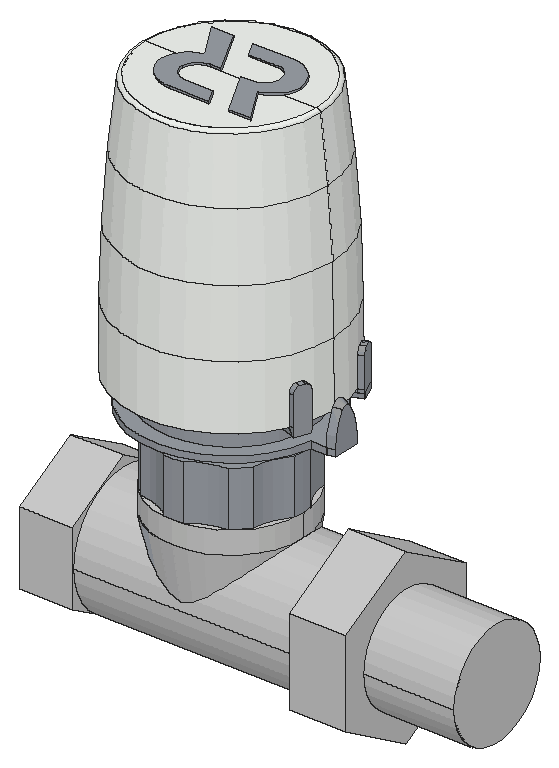
Revit family "РИДАН_Клапан термостатический TR_G New", category Арматура трубопроводов, Revit 2019
Family settings
  Размер круглого соединителя = Использовать диаметр
  Тип детали = Вставляется
  На основе рабочей плоскости = Нет
  Всегда вертикально = Да
  При загрузке вырезать с полостями = Нет
  Общий = Нет
Parameters (values of type "Ду20+TR9005 Ultra")
  Термоголовка = Влж_РИДАН_Термостатические элементы серии TR 9000 Ultra : TR 9005 Ultra
  Контакты_Производитель = "info@ridan.ru"  # constant formula
  n = size_lookup(LT, "n", 20 mm, ADSK_Диаметр условный)  # 80.8 mm
  m = size_lookup(LT, "m", 20 mm, ADSK_Диаметр условный)  # 26.4 mm
  l = size_lookup(LT, "l", 20 mm, ADSK_Диаметр условный)  # 15.42 mm
  k = size_lookup(LT, "k", 20 mm, ADSK_Диаметр условный)  # 36.8 mm
  j = size_lookup(LT, "j", 20 mm, ADSK_Диаметр условный)  # 31.44 mm
  i = size_lookup(LT, "i", 20 mm, ADSK_Диаметр условный)  # 36 mm
  h = size_lookup(LT, "h", 20 mm, ADSK_Диаметр условный)  # 26.3 mm
  g1 = g - 1 mm  # 30.5 mm
  g = size_lookup(LT, "g", 20 mm, ADSK_Диаметр условный)  # 31.5 mm
  f = size_lookup(LT, "f", 20 mm, ADSK_Диаметр условный)  # 21 mm
  e = size_lookup(LT, "e", 20 mm, ADSK_Диаметр условный)  # 26.43 mm
  d1 = d / 2  # 11.25 mm
  d = size_lookup(LT, "d", 20 mm, ADSK_Диаметр условный)  # 22.5 mm
  c = size_lookup(LT, "c", 20 mm, ADSK_Диаметр условный)  # 14 mm
  b = size_lookup(LT, "b", 20 mm, ADSK_Диаметр условный)  # 55.53 mm
  a = size_lookup(LT, "a", 20 mm, ADSK_Диаметр условный)  # 13.07 mm
  LT = "TR-G"  # constant formula
  ADSK_Расход жидкости = 0.0 L/s
  ADSK_Пропускная способность = size_lookup(LT, "Kv", 0.0 L/s, ADSK_Диаметр условный)  # 0.4 L/s
  ADSK_Потеря давления жидкости = 100000.0 Pa * (ADSK_Расход жидкости / ADSK_Пропускная способность) ^ 2  # 0.0 Pa
  ADSK_Наименование = size_lookup(LT, "Name", "", ADSK_Диаметр условный)  # "Клапан терморегулятора с повышенной пропускной способностью TR-G PN16, Tmax=120C, DN20"
  ADSK_Масса_Текст = ""
  ADSK_Масса = size_lookup(LT, "M", 0, ADSK_Диаметр условный)  # 0
  ADSK_Марка = size_lookup(LT, "Mark", "", ADSK_Диаметр условный)  # "TR-G DN20"
  ADSK_Количество = 1  # constant formula
  ADSK_Код изделия = size_lookup(LT, "", "", ADSK_Диаметр условный)  # "013G9026R"
  ADSK_Завод-изготовитель = "ООО «Ридан-Трейд»"  # constant formula
  ADSK_Единица измерения = "шт."
  ADSK_Диаметр условный = 20 mm
  ADSK_Версия семейства = "1.0"  # constant formula
  ADSK_Версия Revit = "2019"  # constant formula
Types (9, lengths in mm): name | Термоголовка | n | m | l | k | j | h | g1 | g | e | d1 | d | c | b | a | ADSK_Пропускная способность | ADSK_Наименование | ADSK_Марка | ADSK_Код изделия | ADSK_Диаметр условный
  (no name) | Влж_РИДАН_Термостатические элементы серии TR 9000 Ultra : TR 9005 Ultra | 80.8 | 26.4 | 15.42 | 36.8 | 31.44 | 26.3 | 30.5 | 31.5 | 26.43 | 11.25 | 22.5 | 14 | 55.53 | 13.07 | 0.4 L/s | "Клапан терморегулятора с повышенной пропускной способностью TR-G PN16, Tmax=120C, DN20" | "TR-G DN20" | "013G9026R" | 20
  Ду15+TR70 | Влж_РИДАН_TR70_Термостатический элемент : TR 70 | 74.5 | 21.3 | 12.85 | 30 | 26.8 | 21 | 24.2 | 25.2 | 25.51 | 10.4 | 20.8 | 10 | 54.11 | 9.99 | 0.341667 L/s | "Клапан терморегулятора с повышенной пропускной способностью TR-G PN16, Tmax=120C, DN15" | "TR-G DN15" | "013G9024R" | 15
  Ду20+TR70 | Влж_РИДАН_TR70_Термостатический элемент : TR 70 | 80.8 | 26.4 | 15.42 | 36.8 | 31.44 | 26.3 | 30.5 | 31.5 | 26.43 | 11.25 | 22.5 | 14 | 55.53 | 13.07 | 0.4 L/s | "Клапан терморегулятора с повышенной пропускной способностью TR-G PN16, Tmax=120C, DN20" | "TR-G DN20" | "013G9026R" | 20
  Ду15+TR8000 | Влж_РИДАН_Термостатические элементы серии TR 8000 : TR 8000 | 74.5 | 21.3 | 12.85 | 30 | 26.8 | 21 | 24.2 | 25.2 | 25.51 | 10.4 | 20.8 | 10 | 54.11 | 9.99 | 0.341667 L/s | "Клапан терморегулятора с повышенной пропускной способностью TR-G PN16, Tmax=120C, DN15" | "TR-G DN15" | "013G9024R" | 15
  Ду20+TR8000 | Влж_РИДАН_Термостатические элементы серии TR 8000 : TR 8000 | 80.8 | 26.4 | 15.42 | 36.8 | 31.44 | 26.3 | 30.5 | 31.5 | 26.43 | 11.25 | 22.5 | 14 | 55.53 | 13.07 | 0.4 L/s | "Клапан терморегулятора с повышенной пропускной способностью TR-G PN16, Tmax=120C, DN20" | "TR-G DN20" | "013G9026R" | 20
  Ду15+TR9000 Ultra | Влж_РИДАН_Термостатические элементы серии TR 9000 Ultra : TR 9000 Ultra | 74.5 | 21.3 | 12.85 | 30 | 26.8 | 21 | 24.2 | 25.2 | 25.51 | 10.4 | 20.8 | 10 | 54.11 | 9.99 | 0.341667 L/s | "Клапан терморегулятора с повышенной пропускной способностью TR-G PN16, Tmax=120C, DN15" | "TR-G DN15" | "013G9024R" | 15
  Ду20+TR9000 Ultra | Влж_РИДАН_Термостатические элементы серии TR 9000 Ultra : TR 9000 Ultra | 80.8 | 26.4 | 15.42 | 36.8 | 31.44 | 26.3 | 30.5 | 31.5 | 26.43 | 11.25 | 22.5 | 14 | 55.53 | 13.07 | 0.4 L/s | "Клапан терморегулятора с повышенной пропускной способностью TR-G PN16, Tmax=120C, DN20" | "TR-G DN20" | "013G9026R" | 20
  Ду15+TR9005 Ultra | Влж_РИДАН_Термостатические элементы серии TR 9000 Ultra : TR 9005 Ultra | 74.5 | 21.3 | 12.85 | 30 | 26.8 | 21 | 24.2 | 25.2 | 25.51 | 10.4 | 20.8 | 10 | 54.11 | 9.99 | 0.341667 L/s | "Клапан терморегулятора с повышенной пропускной способностью TR-G PN16, Tmax=120C, DN15" | "TR-G DN15" | "013G9024R" | 15
  Ду20+TR9005 Ultra | Влж_РИДАН_Термостатические элементы серии TR 9000 Ultra : TR 9005 Ultra | 80.8 | 26.4 | 15.42 | 36.8 | 31.44 | 26.3 | 30.5 | 31.5 | 26.43 | 11.25 | 22.5 | 14 | 55.53 | 13.07 | 0.4 L/s | "Клапан терморегулятора с повышенной пропускной способностью TR-G PN16, Tmax=120C, DN20" | "TR-G DN20" | "013G9026R" | 20
Reference planes
  plane 1 "По центру (Вперед/Назад)": y = 0
  plane 2: z = 0
  plane 3 "По центру (Влево/Вправо)": x = 0
  plane 4: x = -39.5
  plane 5: x = -26.43
  plane 6: x = 29.1
  plane 7: x = 43.1
  plane 8: x = 65.6
  plane 9: z = 21
  plane 10: z = 15.42
  plane 11: x = 54.35
Forms (mm)
  Extrusion 1, solid, material "Латунь никелированная", detail levels fine
    sketch origin (0, 0, 0) x (0, 1, 0) y (0, 0, 1)
      loop
        circle (0, 0) r 15.75
    from -26.43 to 29.1
  Extrusion 2, solid, material "Латунь никелированная", detail levels fine
    sketch origin (0, 0, 0) x (0, 1, 0) y (0, 0, 1)
      loop
        line (0, 18.152) -> (-15.72, 9.076) -> (-15.72, -9.076) -> (0, -18.152) -> (15.72, -9.076) -> (15.72, 9.076) -> (0, 18.152)
    from -39.5 to -26.43
  Extrusion 3, solid, material "Латунь никелированная", detail levels fine
    sketch origin (0, 0, 0) x (0, 1, 0) y (0, 0, 1)
      loop
        line (0, 21.246) -> (-18.4, 10.623) -> (-18.4, -10.623) -> (0, -21.246) -> (18.4, -10.623) -> (18.4, 10.623) -> (0, 21.246)
    from 29.1 to 43.1
  Extrusion 4, solid, material "Латунь никелированная", detail levels fine
    sketch origin (0, 0, 0) x (0, 1, 0) y (0, 0, 1)
      loop
        circle (0, 0) r 13.15
    from 43.1 to 65.6
  Extrusion 5, solid, material "Латунь никелированная", detail levels fine
    sketch origin (0, 0, 0) x (1, 0, 0) y (0, 1, 0)
      loop
        circle (0, 0) r 18
    from 15.42 to 21
  Blend 6, solid, material "Латунь никелированная", detail levels fine
    base sketch origin (0, 0, 0) x (1, 0, 0) y (0, 1, 0)
      loop
        circle (0, 0) r 18
    top sketch origin (0, 0, 0) x (1, 0, 0) y (0, 1, 0)
      loop
        circle (0, 0) r 15.25
    from 15.42 to 0
  Extrusion 7, void
    sketch origin (0, 0, 0) x (0, 1, 0) y (0, 0, 1)
      loop
        circle (0, 0) r 13.2
    from -39.5 to -26.43
Cuts and joins
  Extrusion 7 cuts Extrusion 1
  Extrusion 7 cuts Extrusion 5
  joined: Extrusion 1, Extrusion 5
  Extrusion 7 cuts Extrusion 3
  Extrusion 7 cuts Blend 6
  Extrusion 7 cuts Extrusion 2
Dimensions and locks
  "a": plane 4 to plane 5
  "e": plane 5 to plane 3 "По центру (Влево/Вправо)"
  "b": plane 5 to plane 6
  "c": plane 6 to plane 7
  "d": plane 7 to plane 8
  "f": plane 9 to plane 2
  equal spacing: Extrusion 2 sketch curve, plane 2, Extrusion 2 sketch curve  (x2)
  "j": Extrusion 2 sketch curve to Extrusion 2 sketch curve  (x3)
  equal spacing: Extrusion 2 sketch curve, plane 1 "По центру (Вперед/Назад)", Extrusion 2 sketch curve
  equal spacing: Extrusion 3 sketch curve, plane 2, Extrusion 3 sketch curve  (x2)
  "k": Extrusion 3 sketch curve to Extrusion 3 sketch curve  (x3)
  equal spacing: Extrusion 3 sketch curve, plane 1 "По центру (Вперед/Назад)", Extrusion 3 sketch curve
  "l": plane 10 to plane 2
  "d1": plane 11 to plane 8
  "g": diameter of Extrusion 1 sketch curve
  "h": diameter of Extrusion 4 sketch curve
  "i": diameter of Extrusion 5 sketch curve
  "i": diameter of Blend 6 sketch curve
  "g1": diameter of Blend 6 sketch curve
  "m": diameter of Extrusion 7 sketch curve
  angle Extrusion 2 sketch curve to Extrusion 2 sketch curve = 120.00°  (x6)
  angle Extrusion 3 sketch curve to Extrusion 3 sketch curve = 120.00°  (x6)
  aligned and locked: level to plane 2
  aligned and locked: plane 5 to Extrusion 1
  aligned and locked: Extrusion 1 to plane 6
  aligned and locked: plane 4 to Extrusion 2
  aligned and locked: Extrusion 2 to plane 5
  aligned and locked: plane 6 to Extrusion 3
  aligned and locked: Extrusion 3 to plane 7
  aligned and locked: plane 7 to Extrusion 4
  aligned and locked: Extrusion 4 to plane 8
  aligned and locked: Extrusion 5 to plane 10
  aligned and locked: plane 9 to Extrusion 5
  aligned and locked: Blend 6 to plane 2
  aligned and locked: plane 10 to Blend 6
  aligned and locked: plane 4 to Extrusion 7
  aligned and locked: Extrusion 7 to plane 5
  aligned and locked: plane 5 to nested 1
  aligned and locked: nested 2 to plane 5
Automatic sketch dimensions
  Extrusion 1 sketch curve to level = 0 mm
  Extrusion 1 sketch curve to plane 1 "По центру (Вперед/Назад)" = 0 mm
  Extrusion 4 sketch curve to level = 0 mm
  Extrusion 4 sketch curve to plane 1 "По центру (Вперед/Назад)" = 0 mm
  plane 1 "По центру (Вперед/Назад)" to Extrusion 5 sketch curve = 0 mm
  Extrusion 5 sketch curve to plane 3 "По центру (Влево/Вправо)" = 0 mm
  plane 1 "По центру (Вперед/Назад)" to Blend 6 sketch curve = 0 mm  (x2)
  Blend 6 sketch curve to plane 3 "По центру (Влево/Вправо)" = 0 mm  (x2)
  Extrusion 7 sketch curve to level = 0 mm
  Extrusion 7 sketch curve to plane 1 "По центру (Вперед/Назад)" = 0 mm
Nested families
  nested 1: "УГО_клапана" at (13.97, 0, 0), УГО_Длина <- "n", type "УГО_клапана", detail levels coarse+medium
    with УГО_Длина 80.8 mm, УГО_Высота 61.657 mm
  nested 2: "УГО_ЭУ_клапана" at (13.97, 0, 0), УГО_Длина <- "n", type "УГО_ЭУ_клапана", detail levels coarse+medium
    with УГО_Длина 80.8 mm, УГО_Высота 61.657 mm
  nested 3: "Влж_РИДАН_Термостатические элементы серии TR 9000 Ultra" at (0, 0, 21), type <- "Термоголовка", type "TR 9005 Ultra", detail levels fine
Connectors
  piping at (54.35, 0, 0), diameter 20, driven by "ADSK_Диаметр условный", driven by "ADSK_Расход жидкости", driven by "ADSK_Потеря давления жидкости"
    settings: on plane 11, index 2, connector inside diameter 609.6 mm, connector length 0 mm, flow factor 0, pipe flow 0.0 L/s, pressure drop 0.0 Pa, fitting loss kfactor 0, connector angle 0.00°, fixture units 0, engagement length 0 mm, angle of deflection 0.00°, flow configuration 0, flow direction 2, fitting loss method 4, system type 29, joint type 0, gender type 0, connector reference index 3, connector utility 0, adjustable connector no, is connector primary yes, connector description ""
  piping at (-26.43, 0, 0), diameter 20, driven by "ADSK_Диаметр условный", driven by "ADSK_Расход жидкости"
    settings: on plane 5, index 3, connector inside diameter 609.6 mm, connector length 0 mm, flow factor 0, pipe flow 0.0 L/s, pressure drop 0.0 Pa, fitting loss kfactor 0, connector angle 0.00°, fixture units 0, engagement length 0 mm, angle of deflection 0.00°, flow configuration 0, flow direction 1, fitting loss method 0, system type 29, joint type 0, gender type 0, connector reference index 2, connector utility 0, adjustable connector no, is connector primary no, connector description ""
Definition of nested family "Влж_РИДАН_Термостатические элементы серии TR 9000 Ultra"
  Parameters (values of type "TR 9005 Ultra")
    Контакты_Производитель = "info@ridan.ru"  # constant formula
    Гайка = not(RA)  # no
    Артикул = "013G9005R"
    RA = yes
    LT = "TR9000"  # constant formula
    ADSK_Наименование = size_lookup(LT, "Name", "не определено", Артикул)  # "Термостатический элемент с выносным  датчиком, присоединение RTR/RA.  Длина капиллярной трубки 2 м"
    ADSK_Материал = none
    ADSK_Масса_Текст = ""
    ADSK_Масса = size_lookup(LT, "M", 0, Артикул)  # 0
    ADSK_Марка = size_lookup(LT, "Mark", "не определено", Артикул)  # "TR 9005 Ultra"
    ADSK_Количество = 1  # constant formula
    ADSK_Код изделия = size_lookup(LT, "", "не определено", Артикул)  # "013G9005R"
    ADSK_Завод-изготовитель = "ООО «Ридан-Трейд»"  # constant formula
    ADSK_Единица измерения = "шт."  # constant formula
    ADSK_Версия семейства = "1.0"  # constant formula
    ADSK_Версия Revit = "2019"  # constant formula
  Types (3, lengths in mm): name | Артикул | ADSK_Наименование | ADSK_Марка | ADSK_Код изделия
    (no name) | "013G9005R" | "Термостатический элемент с выносным  датчиком, присоединение RTR/RA.  Длина капиллярной трубки 2 м" | "TR 9005 Ultra" | "013G9005R"
    TR 9000 Ultra | "013G9000R" | "Термостатический элемент со встроен ным датчиком, присоединение RTR/RA" | "TR 9000 Ultra" | "013G9000R"
    TR 9005 Ultra | "013G9005R" | "Термостатический элемент с выносным  датчиком, присоединение RTR/RA.  Длина капиллярной трубки 2 м" | "TR 9005 Ultra" | "013G9005R"
  Reference planes
    plane 1 "По центру (Вперед/Назад)": y = 0
    plane 2: z = 0
    plane 3 "По центру (Влево/Вправо)": x = 0
  Forms (mm)
    Revolve 1, solid
      sketch origin (0, 0, 0) x (1, 0, 0) y (0, 0, 1)
        loop
          arc (-22.03, 89.763) -> (-23.033, 82.056) -> (-23.844, 74.327) r 312.955
          arc (-23.844, 74.327) -> (-24.506, 66.139) -> (-24.981, 57.938) r 359.213
          arc (-24.981, 57.938) -> (-25.294, 49.675) -> (-25.466, 41.408) r 484.116
          arc (-25.466, 41.408) -> (-25.537, 33.455) -> (-25.554, 25.502) r 1176.392
          line (-25.554, 25.502) -> (0, 25.502) -> (0, 90.602) -> (-21.063, 90.602)
          arc (-21.063, 90.602) -> (-21.703, 90.363) -> (-22.03, 89.763) r 0.977
        axis (0, 90.602) -> (0, 25.502)
      angle from 0 to 360
    Revolve 2, solid
      sketch origin (0, 0, 0) x (1, 0, 0) y (0, 0, 1)
        loop
          line (0, 25.502) -> (-19.326, 25.502) -> (-19.326, 19.162) -> (-23.019, 19.162) -> (-23.019, 17.562) -> (-19.447, 16.262) -> (-13.044, 16.262) -> (-13.044, 13.5) -> (0, 13.5) -> (0, 25.502)
        axis (0, 25.502) -> (0, 13.5)
      angle from 0 to 360
    Extrusion 3, solid, visible <- "RA"
      sketch origin (0, 0, 0) x (1, 0, 0) y (0, 1, 0)
        loop
          arc (-10.836, 14.185) -> (-12.632, 12.611) -> (-14.203, 10.812) r 17.85
          arc (-14.203, 10.812) -> (-15.239, 6.298) -> (-17.692, 2.368) r 14
          arc (-17.692, 2.368) -> (-17.85, -0.015) -> (-17.688, -2.398) r 17.85
          arc (-17.688, -2.398) -> (-15.229, -6.323) -> (-14.185, -10.836) r 14
          arc (-14.185, -10.836) -> (-12.611, -12.632) -> (-10.812, -14.203) r 17.85
          arc (-10.812, -14.203) -> (-6.298, -15.239) -> (-2.368, -17.692) r 14
          arc (-2.368, -17.692) -> (0.015, -17.85) -> (2.398, -17.688) r 17.85
          arc (2.398, -17.688) -> (6.323, -15.229) -> (10.836, -14.185) r 14
          arc (10.836, -14.185) -> (12.632, -12.611) -> (14.203, -10.812) r 17.85
          arc (14.203, -10.812) -> (15.239, -6.298) -> (17.692, -2.368) r 14
          arc (17.692, -2.368) -> (17.85, 0.015) -> (17.688, 2.398) r 17.85
          arc (17.688, 2.398) -> (15.229, 6.323) -> (14.185, 10.836) r 14
          arc (14.185, 10.836) -> (12.611, 12.632) -> (10.812, 14.203) r 17.85
          arc (10.812, 14.203) -> (6.298, 15.239) -> (2.368, 17.692) r 14
          arc (2.368, 17.692) -> (-0.015, 17.85) -> (-2.398, 17.688) r 17.85
          arc (-2.398, 17.688) -> (-6.322, 15.228) -> (-10.836, 14.185) r 13.984
      from 0 to 13.5
    Blend 4, solid
      base sketch origin (0, 0, 0) x (0, 1, 0) y (0, 0, 1)
        loop
          arc (-1.788, 27.262) -> (-3.303, 23.324) -> (-3.85, 19.14) r 17.835
          line (-3.85, 19.14) -> (-3.85, 17.589) -> (3.808, 17.589) -> (3.808, 19.162)
          arc (3.808, 19.162) -> (3.289, 23.335) -> (1.788, 27.262) r 17.46
          arc (1.788, 27.262) -> (0, 28.34) -> (-1.788, 27.262) r 2.022
      top sketch origin (0, 0, 0) x (0, 1, 0) y (0, 0, 1)
        loop
          line (-3.255, 19.133) -> (-3.255, 17.589) -> (3.258, 17.589) -> (3.258, 19.162)
          arc (3.258, 19.162) -> (2.665, 23.162) -> (1.004, 26.848) r 14.695
          arc (1.004, 26.848) -> (0, 27.403) -> (-1.004, 26.848) r 1.186
          arc (-1.004, 26.848) -> (-2.668, 23.148) -> (-3.255, 19.133) r 14.675
      from 26.614 to 28.481
    Extrusion 5, solid
      sketch origin (0, 0, 0) x (0, 1, 0) y (0, 0, 1)
        loop
          line (-3.85, 17.562) -> (3.85, 17.562) -> (3.85, 19.162) -> (-3.85, 19.162) -> (-3.85, 17.562)
      from 21.343 to 26.614
    Extrusion 6, solid
      sketch origin (0, 0, 0) x (0.358368, 0.93358, 0) y (0, 0, 1)
        loop
          spline (-0.882, 35.244) -> (-1.064, 35.19) -> (-1.239, 35.116) -> (-1.405, 35.023) -> (-1.559, 34.913) -> (-1.7, 34.786) -> (-1.826, 34.645) -> (-1.936, 34.49) -> (-2.027, 34.324) -> (-2.1, 34.15) -> (-2.153, 33.968) -> (-2.185, 33.782) -> (-2.196, 33.594)
          line (-2.196, 33.594) -> (-2.196, 26.154)
          arc (-2.196, 26.154) -> (-2.152, 25.15) -> (-2.021, 24.154) r 11.516
          line (-2.021, 24.154) -> (1.78, 24.154)
          arc (1.78, 24.154) -> (1.911, 25.15) -> (1.955, 26.154) r 11.516
          line (1.955, 26.154) -> (1.955, 33.594)
          spline (1.955, 33.594) -> (1.943, 33.792) -> (1.907, 33.988) -> (1.849, 34.178) -> (1.769, 34.36) -> (1.668, 34.532) -> (1.548, 34.69) -> (1.409, 34.834) -> (1.255, 34.961) -> (1.088, 35.069) -> (0.908, 35.157) -> (0.72, 35.224) -> (0.525, 35.268)
          arc (0.525, 35.268) -> (-0.18, 35.326) -> (-0.882, 35.244) r 3.553
      from 26.094 to 27.488
    Extrusion 7, solid
      sketch origin (0, 0, 0) x (0.358368, 0.93358, 0) y (0, 0, 1)
        loop
          arc (-2.168, 25.353) -> (-2.11, 24.752) -> (-2.021, 24.154) r 11.516
          line (-2.021, 24.154) -> (1.78, 24.154)
          arc (1.78, 24.154) -> (1.87, 24.752) -> (1.927, 25.353) r 11.516
          line (1.927, 25.353) -> (-2.168, 25.353)
      from 23.366 to 27.492
    Extrusion 8, solid
      sketch origin (0, 0, 0) x (0.93358, -0.358368, 0) y (0.358368, 0.93358, 0)
        loop
          line (23.366, 1.927) -> (23.366, -2.168) -> (24.73, -2.168) -> (24.73, 1.927) -> (23.366, 1.927)
      from 25.353 to 26.156
    Extrusion 9, solid
      sketch origin (-0.158, 0.064, 0) x (-0.390731, 0.920505, 0) y (0, 0, 1)
        loop
          spline (-0.882, 35.244) -> (-1.064, 35.19) -> (-1.239, 35.116) -> (-1.405, 35.023) -> (-1.559, 34.913) -> (-1.7, 34.786) -> (-1.826, 34.645) -> (-1.936, 34.49) -> (-2.027, 34.324) -> (-2.1, 34.15) -> (-2.153, 33.968) -> (-2.185, 33.782) -> (-2.196, 33.594)
          line (-2.196, 33.594) -> (-2.196, 26.154)
          arc (-2.196, 26.154) -> (-2.152, 25.15) -> (-2.021, 24.154) r 11.516
          line (-2.021, 24.154) -> (1.78, 24.154)
          arc (1.78, 24.154) -> (1.911, 25.15) -> (1.955, 26.154) r 11.516
          line (1.955, 26.154) -> (1.955, 33.594)
          spline (1.955, 33.594) -> (1.943, 33.792) -> (1.907, 33.988) -> (1.849, 34.178) -> (1.769, 34.36) -> (1.668, 34.532) -> (1.548, 34.69) -> (1.409, 34.834) -> (1.255, 34.961) -> (1.088, 35.069) -> (0.908, 35.157) -> (0.72, 35.224) -> (0.525, 35.268)
          arc (0.525, 35.268) -> (-0.18, 35.326) -> (-0.882, 35.244) r 3.553
      from 26.094 to 27.488
    Extrusion 10, solid
      sketch origin (-0.158, 0.064, 0) x (-0.390731, 0.920505, 0) y (0, 0, 1)
        loop
          arc (-2.168, 25.353) -> (-2.11, 24.752) -> (-2.021, 24.154) r 11.516
          line (-2.021, 24.154) -> (1.78, 24.154)
          arc (1.78, 24.154) -> (1.87, 24.752) -> (1.927, 25.353) r 11.516
          line (1.927, 25.353) -> (-2.168, 25.353)
      from 23.366 to 27.492
    Extrusion 11, solid
      sketch origin (-0.158, 0.064, 0) x (0.920505, 0.390731, 0) y (-0.390731, 0.920505, 0)
        loop
          line (23.366, 1.927) -> (23.366, -2.168) -> (24.73, -2.168) -> (24.73, 1.927) -> (23.366, 1.927)
      from 25.353 to 26.156
    Extrusion 12, solid
      sketch origin (0, 0, 0) x (1, 0, 0) y (0, 1, 0)
        loop
          line (-8.721, 11.594) -> (-14.142, 11.594) -> (-8.634, 2.621)
          arc (-8.634, 2.621) -> (-12.435, 0.326) -> (-14.065, -3.804) r 6.935
          arc (-14.065, -3.804) -> (-11.543, -9.301) -> (-5.946, -11.594) r 8.238
          line (-5.946, -11.594) -> (3.837, -11.594) -> (1.768, -7.774) -> (-5.278, -7.774)
          arc (-5.278, -7.774) -> (-7.967, -6.515) -> (-9.073, -3.759) r 4.044
          arc (-9.073, -3.759) -> (-7.881, -1.147) -> (-5.246, -0.005) r 4.003
          line (-5.246, -0.005) -> (-2.442, -0.005) -> (-8.721, 11.594)
        loop
          line (-3.866, 11.594) -> (-1.778, 7.775) -> (5.279, 7.775)
          arc (5.279, 7.775) -> (7.969, 6.516) -> (9.074, 3.759) r 4.043
          arc (9.074, 3.759) -> (7.881, 1.148) -> (5.246, 0.008) r 4.001
          line (5.246, 0.008) -> (2.468, 0.008) -> (8.81, -11.594) -> (14.142, -11.594) -> (8.633, -2.62)
          arc (8.633, -2.62) -> (12.434, -0.325) -> (14.065, 3.805) r 6.938
          arc (14.065, 3.805) -> (11.543, 9.302) -> (5.946, 11.594) r 8.238
          line (5.946, 11.594) -> (-3.866, 11.594)
      from 90 to 91
    Extrusion 13, solid, visible <- "Гайка"
      sketch origin (0, 0, 0) x (1, 0, 0) y (0, 1, 0)
        loop
          line (17.34, 0) -> (12.261, 12.261) -> (0, 17.34) -> (-12.261, 12.261) -> (-17.34, 0) -> (-12.261, -12.261) -> (0, -17.34) -> (12.261, -12.261) -> (17.34, 0)
      from 0 to 13.5
  Cuts and joins
    joined: Revolve 2, Extrusion 5
    joined: Extrusion 6, Extrusion 7, Extrusion 8
  Dimensions and locks
    aligned and locked: level to plane 2
    aligned and locked: Extrusion 5 to Blend 4
    aligned and locked: Extrusion 8 to cut or joined group of Extrusion 6, Extrusion 7, Extrusion 8
Definition of nested family "УГО_клапана"
  Parameters (values of type "УГО_клапана")
    УГО_Длина [instance] = 48 mm
    УГО_Высота [instance] = УГО_Длина * 0.76308  # 36.628 mm
  Reference planes
    plane 1 "По центру (Вперед/Назад)": y = 0
    plane 2: z = 0
    plane 3 "По центру (Влево/Вправо)": x = 0
    plane 4: x = -24
    plane 5: x = 24
    plane 6: z = 18.314
    plane 7: z = -18.314
  Forms (mm)
    Extrusion 1, solid, detail levels coarse+medium
      sketch origin (0, 0, 0) x (1, 0, 0) y (0, 0, 1)
        loop
          line (-24, -18.314) -> (0, 0) -> (-24, 18.314) -> (-24, -18.314)
      from -0.5 to 0.5
    Extrusion 2, solid, detail levels coarse+medium
      sketch origin (0, 0, 0) x (1, 0, 0) y (0, 0, 1)
        loop
          line (24, -18.314) -> (24, 18.314) -> (0, 0) -> (24, -18.314)
      from -0.5 to 0.5
  Dimensions and locks
    equal spacing: plane 5, plane 3 "По центру (Влево/Вправо)", plane 4
    "УГО_Длина": plane 5 to plane 4
    equal spacing: plane 6, plane 2, plane 7
    "УГО_Высота": plane 6 to plane 7
    aligned and locked: level to plane 2
    aligned and locked: plane 4 to Extrusion 1 sketch curve
    aligned and locked: Extrusion 2 sketch curve to plane 5
  Automatic sketch dimensions
    Extrusion 1 sketch curve to level = 0 mm
    Extrusion 1 sketch curve to plane 3 "По центру (Влево/Вправо)" = 0 mm
    Extrusion 1 sketch curve to plane 7 = 0 mm
    Extrusion 1 sketch curve to plane 6 = 0 mm
    Extrusion 2 sketch curve to level = 0 mm
    Extrusion 2 sketch curve to plane 3 "По центру (Влево/Вправо)" = 0 mm
    Extrusion 2 sketch curve to plane 7 = 0 mm
    Extrusion 2 sketch curve to plane 6 = 0 mm
Definition of nested family "УГО_ЭУ_клапана"
  Parameters (values of type "УГО_ЭУ_клапана")
    УГО_Длина [instance] = 100 mm
    УГО_Высота [instance] = УГО_Длина * 0.76308  # 76.308 mm
  Reference planes
    plane 1 "По центру (Вперед/Назад)": y = 0
    plane 2: z = 0
    plane 3 "По центру (Влево/Вправо)": x = 0
    plane 4: x = -50
    plane 5: x = 50
    plane 6: y = 38.154
    plane 7: y = -38.154
  Lines and regions (mm)
    Filled region 1, type "Сплошная заливка - Белый", in view "Опорный уровень"
      outline origin (0, 0, 0) x (1, 0, 0) y (0, 1, 0)
        loop
          line (-50, -38.154) -> (0, 0) -> (-50, 38.154) -> (-50, -38.154)
    Filled region 2, type "Сплошная заливка - Белый", in view "Опорный уровень"
      outline origin (0, 0, 0) x (1, 0, 0) y (0, 1, 0)
        loop
          line (50, -38.154) -> (50, 38.154) -> (0, 0) -> (50, -38.154)
  Dimensions and locks
    equal spacing: plane 4, plane 3 "По центру (Влево/Вправо)", plane 5
    "УГО_Длина": plane 4 to plane 5
    equal spacing: plane 6, plane 1 "По центру (Вперед/Назад)", plane 7
    "УГО_Высота": plane 6 to plane 7
    aligned and locked: plane 4 to Filled region 1 sketch curve
    aligned and locked: Filled region 1 to plane 4
  Automatic sketch dimensions
    plane 1 "По центру (Вперед/Назад)" to Filled region 1 sketch curve = 0 mm
    Filled region 1 sketch curve to plane 3 "По центру (Влево/Вправо)" = 0 mm
    plane 7 to Filled region 1 sketch curve = 0 mm
    Filled region 1 sketch curve to plane 6 = 0 mm
    plane 1 "По центру (Вперед/Назад)" to Filled region 2 sketch curve = 0 mm
    Filled region 2 sketch curve to plane 3 "По центру (Влево/Вправо)" = 0 mm
    Filled region 2 sketch curve to plane 5 = 0 mm
    plane 7 to Filled region 2 sketch curve = 0 mm
    Filled region 2 sketch curve to plane 6 = 0 mm
